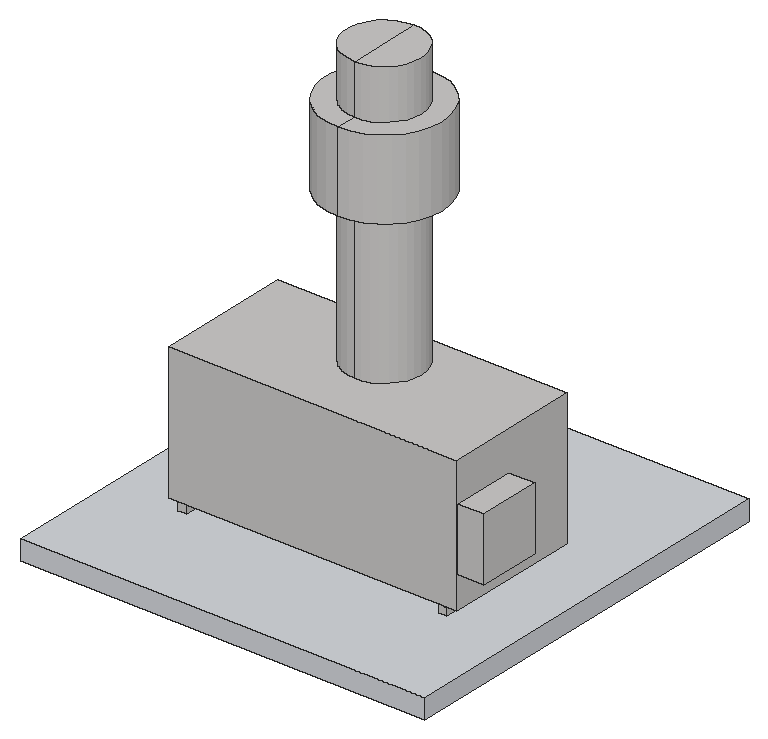
Revit family "DC_Rheem_PLM_Raypak_B1362HWT", category Plumbing Fixtures, host Face, Revit 2017
Family settings
  Host = Face
  Round Connector Dimension = Use Radius
  Part Type = Normal
  Cut with Voids When Loaded = No
  Shared = No
  Room Calculation Point = No
Parameters (values of type "Raypak - Gas Water Heater- Outdoor - 1296 MJ/h  Propane gas, On/Off gas control")
  URL = "http://www.rheem.com.au/CommercialProducts"
  Type Comments = "Recovery 4988L/h @ 50°C rise\r\n"
  TopSmalDia_ANZRS = 450 mm
  TopH2_ANZRS = 480 mm
  TopH1Materials_ANZRS = 300 mm
  TopBigDiameter_ANZRS = 700 mm
  Materials_ANZRS = Raypak - Grey Powder Coated Steel
  PVRRadius_ANZRS = 15 mm
  PVRDist_ANZRS = 85 mm
  Model = "B1357PCO/HWT\r\n"
  Manufacturer = "Raypak\r\n"
  Length_ANZRS = 1740 mm
  HotWaterPipeDist_ANZRS = 155 mm
  HotWaterPipeRadius_ANZRS = 32.5 mm
  HotWaterPipeDiameter_ANZRS = HotWaterPipeRadius_ANZRS * 2  # 65 mm
  Height_ANZRS = 2570 mm
  GasPipeRadius_ANZRS = 16 mm
  GasPipeHeight_ANZRS = 410 mm
  GasPipeDist_ANZRS = 130 mm
  GasPipeDiameter_ANZRS = GasPipeRadius_ANZRS * 2  # 32 mm
  EleBoxWidth_ANZRS = 160 mm
  EleBoxHeightfromBase_ANZRS = 245 mm
  EleBoxHeight_ANZRS = 380 mm
  DesignBy_ANZRS = "Design Content ©"
  Description = "Raypak - Gas Water Heater- Outdoor - 1296 MJ/h  Propane gas, On/Off gas control\r\n\r\n"
  Default Elevation = 0 mm
  ConnHeight_ANZRS = 755 mm
  ColdWaterPipeRadius_ANZRS = 32.5 mm
  ColdWaterPipeDisi_ANZRS = 280 mm
  ColdWaterPipeDiameter_ANZRS = ColdWaterPipeRadius_ANZRS * 2  # 65 mm
  BoxHeight_ANZRS = 860 mm
  BaseWidth_ANZRS = 50 mm
  BaseHeight_ANZRS = 45 mm
  BaseDist_ANZRS = 60 mm
  Author_ANZRS = "DM"
  Assembly Code = ""
Types (5, lengths in mm): name | URL | Type Comments | Model | GasPipeRadius_ANZRS | GasPipeDiameter_ANZRS | Description
  (no name) | "http://www.rheem.com.au/downloads/PDF/Raypak_Mechanical_Heating_Brochure_July_09.pdf\r\n" | "Recovery 4988L/h @ 50°C rise\r\n" | "B1357PCO/HWT\r\n" | 16 | 32 | "Raypak - Gas Water Heater- Outdoor - 1296 MJ/h  Propane gas, On/Off gas control\r\n\r\n"
  Raypak - Gas Water Heater- Outdoor - 1357 MJ/h  Natural gas, modulating gas control | "http://www.rheem.com.au/CommercialProducts" | "Recovery 5160L/h @ 50°C rise\r\n" | "B1357NCM/HWT\r\n" | 20 | 40 | "Raypak - Gas Water Heater- Outdoor - 1357 MJ/h  Natural gas, modulating gas control\r\n"
  Raypak - Gas Water Heater- Outdoor - 1357 MJ/h  Natural gas, On/Off gas control | "http://www.rheem.com.au/CommercialProducts" | "Recovery 5160L/h @ 50°C rise\r\n" | "B1357NCO/HWT\r\n\r\n" | 20 | 40 | "Raypak - Gas Water Heater- Outdoor - 1357 MJ/h  Natural gas, On/Off gas control\r\n"
  Raypak - Gas Water Heater- Outdoor - 1296 MJ/h  Propane gas, modulating gas control | "http://www.rheem.com.au/CommercialProducts" | "Recovery 4988L/h @ 50°C rise\r\n" | "B1357PCM/HWT\r\n\r\n\r\n" | 12.5 | 25 | "Raypak - Gas Water Heater- Outdoor - 1296 MJ/h  Propane gas, modulating gas control\r\n"
  Raypak - Gas Water Heater- Outdoor - 1296 MJ/h  Propane gas, On/Off gas control | "http://www.rheem.com.au/CommercialProducts" | "Recovery 4988L/h @ 50°C rise\r\n" | "B1357PCO/HWT\r\n" | 16 | 32 | "Raypak - Gas Water Heater- Outdoor - 1296 MJ/h  Propane gas, On/Off gas control\r\n\r\n"
Reference planes
  plane 1 "Center (Front/Back)": y = 0
  plane 2: z = 0
  plane 3 "Center (Left/Right)": x = 0
  plane 4: z = 45
  plane 5: x = -870
  plane 6: x = 870
  plane 7: x = 1030
  plane 8: z = 245
  plane 9: z = 860
  plane 10: x = -810
  plane 11: x = 810
  plane 12: x = -760
  plane 13: x = 760
  plane 14: y = 285
  plane 15: y = -540
  plane 16: z = 2570
  plane 17: z = 2270
  plane 18: z = 1790
  plane 19: y = 225
  plane 20: y = -225
  plane 21: y = 350
  plane 22: y = -350
  plane 23: z = 755
  plane 24: y = 200
  plane 25: y = 130
  plane 26: y = -150
  plane 27: y = -410
  plane 28: z = 410
  plane 29: z = 625
  plane 30: x = -225
  plane 31: x = 225
  plane 32: x = -350
  plane 33: x = 350
  plane 34: x = -860
  plane 35: x = -890
  plane 36: y = -155
Forms (mm)
  Extrusion 1, solid
    sketch origin (0, 0, 0) x (1, 0, 0) y (0, 1, 0)
      loop
        line (-1219.2, 1219.2) -> (-1219.2, -1219.2) -> (1219.2, -1219.2) -> (1219.2, 1219.2) -> (-1219.2, 1219.2)
    from 0 to -120
  Extrusion 2, solid, material "Raypak - Grey Powder Coated Steel" <- "Materials_ANZRS"
    sketch origin (0, 0, 0) x (1, 0, 0) y (0, 0, 1)
      loop
        line (-810, 45) -> (-810, 0) -> (-760, 0) -> (-760, 45) -> (-810, 45)
      loop
        line (760, 45) -> (760, 0) -> (810, 0) -> (810, 45) -> (760, 45)
    from -285 to 540
  Extrusion 3, solid, material "Raypak - Grey Powder Coated Steel" <- "Materials_ANZRS"
    sketch origin (0, 0, 0) x (1, 0, 0) y (0, 1, 0)
      loop
        line (-870, 285) -> (-870, -540) -> (870, -540) -> (870, 285) -> (-870, 285)
    from 45 to 860
  Revolve 4, solid, material "Raypak - Grey Powder Coated Steel" <- "Materials_ANZRS"
    sketch origin (0, 0, 0) x (0, 1, 0) y (0, 0, 1)
      loop
        line (0, 2570) -> (-225, 2570) -> (-225, 2270) -> (-350, 2270) -> (-350, 1790) -> (-225, 1790) -> (-225, 860) -> (0, 860) -> (0, 2570)
      axis (0, 2570) -> (0, 860)
    angle from 0 to 360
  Extrusion 5, solid, material "Raypak - Grey Powder Coated Steel" <- "Materials_ANZRS"
    sketch origin (0, 0, 0) x (1, 0, 0) y (0, 0, 1)
      loop
        line (870, 625) -> (870, 245) -> (1030, 245) -> (1030, 625) -> (870, 625)
    from 155 to 540
  Extrusion 6, void
    sketch origin (0, 0, 0) x (0, 1, 0) y (0, 0, 1)
      loop
        circle (200, 755) r 15
      loop
        circle (130, 755) r 32.5
      loop
        circle (-150, 755) r 32.5
    from -870 to -860
  Extrusion 7, solid, material "Raypak - Grey Powder Coated Steel" <- "Materials_ANZRS"
    sketch origin (0, 0, 0) x (0, 1, 0) y (0, 0, 1)
      loop
        circle (-410, 410) r 16
    from -890 to -870
Cuts and joins
  Extrusion 6 cuts Extrusion 3
  joined: Extrusion 3, Extrusion 7
Lines and regions (mm)
  Masking region 1
    outline origin (0, 0, 0) x (1, 0, 0) y (0, 1, 0)
      loop
        line (-870, 285) -> (-870, -395) -> (-890, -395) -> (-890, -425) -> (-870, -425) -> (-870, -540) -> (1030, -540) -> (1030, -155) -> (870, -155) -> (870, 285) -> (203.162, 285)
        arc (203.162, 285) -> (106.654, 333.354) -> (0, 350) r 350
        arc (0, 350) -> (-106.654, 333.354) -> (-203.162, 285) r 350
        line (-203.162, 285) -> (-870, 285)
  Masking region 2
    outline origin (0, 0, 0) x (1, 0, 0) y (0, 0, 1)
      loop
        line (225, 2570) -> (-225, 2570) -> (-225, 2270) -> (-350, 2270) -> (-350, 1790) -> (-225, 1790) -> (-225, 860) -> (-870, 860) -> (-870, 425) -> (-890, 425) -> (-890, 395) -> (-870, 395) -> (-870, 45) -> (-810, 45) -> (-810, 0) -> (-760, 0) -> (-760, 45) -> (760, 45) -> (760, 0) -> (810, 0) -> (810, 45) -> (870, 45) -> (870, 245) -> (1030, 245) -> (1030, 625) -> (870, 625) -> (870, 860) -> (225, 860) -> (225, 1790) -> (350, 1790) -> (350, 2270) -> (225, 2270) -> (225, 2570)
  Masking region 3
    outline origin (0, 0, 0) x (0, 1, 0) y (0, 0, 1)
      loop
        line (225, 2570) -> (-225, 2570) -> (-225, 2270) -> (-350, 2270) -> (-350, 1790) -> (-225, 1790) -> (-225, 860) -> (-540, 860) -> (-540, 0) -> (285, 0) -> (285, 860) -> (225, 860) -> (225, 1790) -> (350, 1790) -> (350, 2270) -> (225, 2270) -> (225, 2570)
  symbolic lines, style "Rheem Raypak", detail levels fine
    curve 1: line (-350, 0, 2270) -> (-350, 0, 1790)
    curve 2: line (-350, 0, 1790) -> (350, 0, 1790)
    curve 3: line (-225, 0, 1790) -> (-225, 0, 860)
    curve 4: line (-225, 0, 2570) -> (-225, 0, 2270)
    curve 5: line (225, 0, 2570) -> (-225, 0, 2570)
    curve 6: line (225, 0, 2270) -> (225, 0, 2570)
    curve 7: line (350, 0, 2270) -> (-350, 0, 2270)
    curve 8: line (350, 0, 1790) -> (350, 0, 2270)
    curve 9: line (225, 0, 860) -> (225, 0, 1790)
    curve 10: line (870, 0, 860) -> (-870, 0, 860)
    curve 11: line (870, 0, 45) -> (870, 0, 860)
    curve 12: line (-870, 0, 860) -> (-870, 0, 45)
    curve 13: line (-870, 0, 45) -> (870, 0, 45)
    curve 14: line (-760, 0, 0) -> (-760, 0, 45)
    curve 15: line (-810, 0, 0) -> (-760, 0, 0)
    curve 16: line (-810, 0, 45) -> (-810, 0, 0)
    curve 17: line (810, 0, 0) -> (810, 0, 45)
    curve 18: line (760, 0, 45) -> (760, 0, 0)
    curve 19: line (760, 0, 0) -> (810, 0, 0)
    curve 20: line (870, 0, 245) -> (1030, 0, 245)
    curve 21: line (1030, 0, 245) -> (1030, 0, 625)
    curve 22: line (1030, 0, 625) -> (870, 0, 625)
    curve 23: line (-890, 0, 395) -> (-870, 0, 395)
    curve 24: line (-890, 0, 425) -> (-890, 0, 395)
    curve 25: line (-870, 0, 425) -> (-890, 0, 425)
    curve 26: line (0, -350, 2270) -> (0, 350, 2270)
    curve 27: line (0, -350, 1790) -> (0, 350, 1790)
    curve 28: line (0, 350, 1790) -> (0, 350, 2270)
    curve 29: line (0, -350, 2270) -> (0, -350, 1790)
    curve 30: line (0, -225, 2570) -> (0, -225, 2270)
    curve 31: line (0, 225, 2270) -> (0, 225, 2570)
    curve 32: line (0, -225, 2570) -> (0, 225, 2570)
    curve 33: line (0, -225, 1790) -> (0, -225, 860)
    curve 34: line (0, 225, 860) -> (0, 225, 1790)
    curve 35: line (0, 285, 860) -> (0, -540, 860)
    curve 36: line (0, -540, 860) -> (0, -540, 45)
    curve 37: line (0, 285, 45) -> (0, 285, 860)
    curve 38: line (0, -540, 45) -> (0, 285, 45)
    curve 39: line (0, 285, 0) -> (0, 285, 45)
    curve 40: line (0, -540, 45) -> (0, -540, 0)
    curve 41: line (0, -540, 0) -> (0, 285, 0)
    curve 42: arc (0, -182.5, 755) -> (0, -150, 722.5) -> (0, -117.5, 755) r 32.5
    curve 43: arc (0, -117.5, 755) -> (0, -150, 787.5) -> (0, -182.5, 755) r 32.5
    curve 44: arc (0, -394, 410) -> (0, -410, 394) -> (0, -426, 410) r 16
    curve 45: arc (0, -426, 410) -> (0, -410, 426) -> (0, -394, 410) r 16
    curve 46: arc (0, 97.5, 755) -> (0, 130, 722.5) -> (0, 162.5, 755) r 32.5
    curve 47: arc (0, 162.5, 755) -> (0, 130, 787.5) -> (0, 97.5, 755) r 32.5
    curve 48: arc (0, 185, 755) -> (0, 200, 740) -> (0, 215, 755) r 15
    curve 49: arc (0, 215, 755) -> (0, 200, 770) -> (0, 185, 755) r 15
    curve 50: arc (0, -350, 0) -> (-350, 0, 0) -> (0, 350, 0) r 350
    curve 51: arc (0, 350, 0) -> (350, 0, 0) -> (0, -350, 0) r 350
    curve 52: arc (0, 225, 0) -> (225, 0, 0) -> (0, -225, 0) r 225
    curve 53: arc (0, -225, 0) -> (-225, 0, 0) -> (0, 225, 0) r 225
    curve 54: line (870, 285, 0) -> (203.162, 285, 0)
    curve 55: line (870, -540, 0) -> (870, 285, 0)
    curve 56: line (-870, -540, 0) -> (870, -540, 0)
    curve 57: line (-870, 285, 0) -> (-870, -540, 0)
    curve 58: line (1030, -540, 0) -> (1030, -155, 0)
    curve 59: line (870, -540, 0) -> (1030, -540, 0)
    curve 60: line (-890, -395, 0) -> (-890, -425, 0)
    curve 61: line (-203.162, 285, 0) -> (-870, 285, 0)
    curve 62: line (-890, -395, 0) -> (-870, -395, 0)
    curve 63: line (-890, -425, 0) -> (-870, -425, 0)
Dimensions and locks
  "BaseHeight_ANZRS": plane 4 to level
  equal spacing: plane 6, plane 3 "Center (Left/Right)", plane 5
  "Length_ANZRS": plane 5 to plane 6
  "EleBoxWidth_ANZRS": plane 6 to plane 7
  "EleBoxHeightfromBase_ANZRS": plane 8 to Extrusion 1
  "EleBoxHeight_ANZRS": plane 29 to plane 8
  "BaseDist_ANZRS": plane 10 to plane 5
  "BaseDist_ANZRS": plane 11 to plane 6
  "BaseWidth_ANZRS": plane 10 to plane 12
  "BaseWidth_ANZRS": plane 11 to plane 13
  plane 1 "Center (Front/Back)" to plane 15 = 540 mm
  plane 14 to plane 15 = 825 mm
  "Height_ANZRS": plane 16 to Extrusion 1
  "TopSmalDia_ANZRS": plane 19 to plane 20
  equal spacing: plane 19, plane 1 "Center (Front/Back)", plane 20
  equal spacing: plane 21, plane 1 "Center (Front/Back)", plane 22
  "TopBigDiameter_ANZRS": plane 21 to plane 22
  "ConnHeight_ANZRS": plane 23 to Extrusion 1
  "BoxHeight_ANZRS": plane 9 to Extrusion 1
  "PVRDist_ANZRS": plane 14 to plane 24
  "HotWaterPipeDist_ANZRS": plane 14 to plane 25
  "ColdWaterPipeDisi_ANZRS": plane 25 to plane 26
  "GasPipeDist_ANZRS": plane 27 to plane 15
  "GasPipeHeight_ANZRS": plane 28 to Extrusion 1
  "TopH1Materials_ANZRS": plane 16 to plane 17
  "TopH2_ANZRS": plane 17 to plane 18
  equal spacing: plane 32, plane 3 "Center (Left/Right)", plane 33
  "TopSmalDia_ANZRS": plane 30 to plane 31
  equal spacing: plane 30, plane 3 "Center (Left/Right)", plane 31
  "TopBigDiameter_ANZRS": plane 32 to plane 33
  locked: plane 5 to plane 34 at 10
  locked: plane 35 to plane 5 at 20
  "ColdWaterPipeRadius_ANZRS": radius of Extrusion 6 sketch curve
  "HotWaterPipeRadius_ANZRS": radius of Extrusion 6 sketch curve
  "PVRRadius_ANZRS": radius of Extrusion 6 sketch curve
  "GasPipeRadius_ANZRS": radius of Extrusion 7 sketch curve
  aligned and locked: plane 2 to Extrusion 1
  aligned and locked: level to Extrusion 1
  aligned and locked: Extrusion 2 sketch curve to plane 4  (x2)
  aligned and locked: Extrusion 2 sketch curve to plane 10
  aligned and locked: level to Extrusion 2 sketch curve  (x2)
  aligned and locked: plane 12 to Extrusion 2 sketch curve
  aligned and locked: plane 13 to Extrusion 2 sketch curve
  aligned and locked: plane 11 to Extrusion 2 sketch curve
  aligned and locked: plane 14 to Extrusion 3 sketch curve
  aligned and locked: plane 15 to Extrusion 3 sketch curve
  aligned and locked: plane 6 to Extrusion 3 sketch curve
  aligned and locked: plane 9 to Extrusion 3
  aligned and locked: Extrusion 3 to plane 4
  aligned and locked: Extrusion 2 to plane 15
  aligned and locked: Extrusion 2 to plane 14
  aligned and locked: plane 16 to Revolve 4 sketch curve
  aligned and locked: Revolve 4 sketch curve to plane 20
  aligned and locked: Revolve 4 sketch curve to plane 22
  aligned and locked: plane 9 to Revolve 4 sketch curve
  aligned and locked: Revolve 4 sketch curve to plane 1 "Center (Front/Back)"
  aligned and locked: Extrusion 5 sketch curve to plane 29
  aligned and locked: Extrusion 5 sketch curve to plane 6
  aligned and locked: plane 8 to Extrusion 5 sketch curve
  aligned and locked: plane 7 to Extrusion 5 sketch curve
  aligned: Extrusion 2 to Extrusion 5
  aligned and locked: Extrusion 5 to Extrusion 2
  aligned and locked: plane 24 to Extrusion 6 sketch curve
  aligned and locked: plane 23 to Extrusion 6 sketch curve  (x3)
  aligned and locked: plane 25 to Extrusion 6 sketch curve
  aligned and locked: plane 26 to Extrusion 6 sketch curve
  aligned and locked: Extrusion 3 to plane 5
  aligned and locked: Extrusion 6 to plane 5
  aligned and locked: Extrusion 6 to plane 34
  aligned and locked: plane 28 to Extrusion 7 sketch curve
  aligned and locked: plane 27 to Extrusion 7 sketch curve
  aligned and locked: plane 35 to Extrusion 7
  aligned: Extrusion 7 to plane 34
  aligned and locked: plane 5 to Extrusion 7
  aligned and locked: Masking region 1 sketch curve to Extrusion 5  (x2)
  aligned and locked: cut or joined group of Extrusion 3, Extrusion 6, Extrusion 7 to Masking region 1 sketch curve
  aligned and locked: Masking region 1 sketch curve to Revolve 4  (x2)
  aligned and locked: Masking region 2 sketch curve to plane 31
  aligned and locked: Masking region 2 sketch curve to plane 30
  aligned and locked: Masking region 2 sketch curve to plane 16
  aligned and locked: Masking region 2 sketch curve to plane 17
  aligned and locked: Masking region 2 sketch curve to plane 18
  aligned and locked: plane 33 to Masking region 2 sketch curve
  aligned and locked: Masking region 2 sketch curve to plane 32
  aligned and locked: Masking region 2 sketch curve to plane 9
  aligned and locked: plane 6 to Masking region 2 sketch curve
  aligned and locked: Masking region 2 sketch curve to plane 29
  aligned and locked: Masking region 2 sketch curve to plane 8
  aligned and locked: plane 7 to Masking region 2 sketch curve
  aligned and locked: cut or joined group of Extrusion 3, Extrusion 6, Extrusion 7 to Masking region 2 sketch curve
  aligned and locked: Masking region 2 sketch curve to plane 5
  aligned and locked: Extrusion 1 to Masking region 2 sketch curve  (x2)
  aligned and locked: plane 16 to Masking region 3 sketch curve
  aligned and locked: plane 17 to Masking region 3 sketch curve
  aligned and locked: Masking region 3 sketch curve to plane 22
  aligned and locked: Masking region 3 sketch curve to plane 21
  aligned and locked: Masking region 3 sketch curve to plane 19
  aligned and locked: Masking region 3 sketch curve to plane 20
  aligned and locked: plane 9 to Masking region 3 sketch curve
  aligned and locked: Masking region 3 sketch curve to plane 15
  aligned and locked: plane 14 to Masking region 3 sketch curve
  aligned and locked: Extrusion 1 to Masking region 3 sketch curve
  aligned and locked: plane 18 to Masking region 3 sketch curve
  aligned and locked: Masking region 2 sketch curve to plane 12
  aligned and locked: Masking region 2 sketch curve to plane 10
  aligned and locked: Masking region 2 sketch curve to plane 11
  aligned and locked: plane 13 to Masking region 2 sketch curve
  aligned and locked: Masking region 2 sketch curve to plane 4  (x3)
  aligned and locked: curve 1 to Masking region 2
  aligned and locked: curve 2 to Masking region 2
  aligned and locked: curve 3 to Masking region 2
  aligned and locked: curve 4 to Masking region 2
  aligned and locked: curve 5 to Masking region 2
  aligned and locked: curve 6 to Masking region 2
  aligned and locked: curve 7 to Masking region 2
  aligned and locked: curve 8 to Masking region 2
  aligned and locked: curve 9 to Masking region 2
  aligned and locked: curve 10 to cut or joined group of Extrusion 3, Extrusion 6, Extrusion 7
  aligned and locked: curve 11 to cut or joined group of Extrusion 3, Extrusion 6, Extrusion 7
  aligned and locked: curve 12 to cut or joined group of Extrusion 3, Extrusion 6, Extrusion 7
  aligned and locked: curve 13 to cut or joined group of Extrusion 3, Extrusion 6, Extrusion 7
  aligned and locked: curve 14 to Extrusion 2
  aligned and locked: curve 15 to Extrusion 2
  aligned and locked: curve 16 to Extrusion 2
  aligned and locked: curve 17 to Extrusion 2
  aligned and locked: curve 18 to Extrusion 2
  aligned and locked: curve 19 to Extrusion 2
  aligned and locked: curve 20 to Extrusion 5
  aligned and locked: curve 21 to Extrusion 5
  aligned and locked: curve 22 to Extrusion 5
  aligned and locked: curve 23 to Masking region 2
  aligned and locked: cut or joined group of Extrusion 3, Extrusion 6, Extrusion 7 to curve 24
  aligned and locked: curve 25 to Masking region 2
  aligned and locked: curve 26 to Revolve 4
  aligned and locked: curve 27 to Revolve 4
  aligned and locked: curve 28 to Masking region 3
  aligned and locked: curve 29 to Masking region 3
  aligned and locked: curve 30 to Masking region 3
  aligned and locked: curve 31 to Masking region 3
  aligned and locked: curve 32 to Revolve 4
  aligned and locked: curve 33 to Masking region 3
  aligned and locked: curve 34 to Masking region 3
  aligned and locked: curve 35 to cut or joined group of Extrusion 3, Extrusion 6, Extrusion 7
  aligned and locked: curve 36 to cut or joined group of Extrusion 3, Extrusion 6, Extrusion 7
  aligned and locked: curve 37 to cut or joined group of Extrusion 3, Extrusion 6, Extrusion 7
  aligned and locked: curve 38 to cut or joined group of Extrusion 3, Extrusion 6, Extrusion 7
  aligned and locked: curve 39 to Extrusion 2
  aligned and locked: curve 40 to Extrusion 2
  aligned and locked: curve 41 to Extrusion 2
  aligned and locked: curve 48 to cut or joined group of Extrusion 3, Extrusion 6, Extrusion 7
  aligned and locked: curve 49 to cut or joined group of Extrusion 3, Extrusion 6, Extrusion 7
  aligned and locked: curve 50 to Revolve 4
  aligned and locked: curve 51 to Revolve 4
  aligned and locked: curve 52 to Revolve 4
  aligned and locked: curve 53 to Revolve 4
  aligned and locked: curve 54 to cut or joined group of Extrusion 3, Extrusion 6, Extrusion 7
  aligned and locked: curve 55 to cut or joined group of Extrusion 3, Extrusion 6, Extrusion 7
  aligned and locked: curve 56 to cut or joined group of Extrusion 3, Extrusion 6, Extrusion 7
  aligned and locked: curve 57 to cut or joined group of Extrusion 3, Extrusion 6, Extrusion 7
  aligned and locked: curve 58 to Extrusion 5
  aligned and locked: curve 59 to Extrusion 5
  aligned and locked: cut or joined group of Extrusion 3, Extrusion 6, Extrusion 7 to curve 60
  aligned and locked: curve 46 to cut or joined group of Extrusion 3, Extrusion 6, Extrusion 7
  aligned and locked: curve 42 to cut or joined group of Extrusion 3, Extrusion 6, Extrusion 7
  aligned and locked: curve 44 to cut or joined group of Extrusion 3, Extrusion 6, Extrusion 7
Automatic sketch dimensions
  Extrusion 1 sketch curve to Extrusion 1 sketch curve = 2438.4 mm  (x2)
  Revolve 4 sketch curve to plane 1 "Center (Front/Back)" = 0 mm
  Revolve 4 sketch curve to plane 16 = 51.193 mm
  Revolve 4 sketch curve to level = 2207.352 mm
  Revolve 4 sketch curve to plane 18 = 0 mm
  Revolve 4 sketch curve to plane 20 = 0 mm
  Revolve 4 sketch curve to plane 17 = 0 mm
  Extrusion 3 sketch curve to plane 5 = 0 mm
  plane 27 to Masking region 1 sketch curve = 15 mm
  Masking region 1 sketch curve to plane 27 = 15 mm
  Masking region 1 sketch curve to plane 5 = 0 mm  (x2)
  plane 14 to Masking region 1 sketch curve = 0 mm  (x2)
  plane 30 to Masking region 2 sketch curve = 0 mm
  Masking region 2 sketch curve to plane 18 = 0 mm
  Masking region 2 sketch curve to plane 31 = 0 mm
  Masking region 2 sketch curve to plane 9 = 0 mm
  Masking region 2 sketch curve to plane 17 = 0 mm
  Masking region 2 sketch curve to plane 28 = 15 mm
  Masking region 2 sketch curve to plane 5 = 0 mm
  plane 28 to Masking region 2 sketch curve = 15 mm
  Masking region 3 sketch curve to plane 19 = 0 mm
  Masking region 3 sketch curve to plane 17 = 0 mm
  Masking region 3 sketch curve to plane 20 = 0 mm
  Masking region 3 sketch curve to plane 18 = 0 mm
  Masking region 3 sketch curve to plane 9 = 0 mm
  plane 6 to Masking region 2 sketch curve = 0 mm
  curve 3 to plane 9 = 0 mm
  curve 4 to plane 16 = 0 mm
  curve 5 to plane 31 = 0 mm
  curve 7 to plane 33 = 0 mm
  curve 8 to plane 18 = 0 mm
  curve 10 to plane 5 = 0 mm
  plane 6 to curve 10 = 0 mm
  curve 11 to plane 4 = 0 mm
  curve 14 to level = 0 mm
  plane 12 to curve 14 = 0 mm
  plane 10 to curve 15 = 0 mm
  curve 17 to level = 0 mm
  plane 11 to curve 17 = 0 mm
  curve 18 to plane 13 = 0 mm
  plane 7 to curve 20 = 0 mm
  curve 20 to plane 8 = 0 mm
  curve 21 to plane 29 = 0 mm
  plane 35 to curve 23 = 0 mm
  curve 23 to plane 28 = 15 mm
  plane 28 to curve 24 = 15 mm
  curve 9 to plane 31 = 0 mm
  plane 30 to curve 3 = 0 mm
  plane 32 to curve 1 = 0 mm
  plane 30 to curve 4 = 0 mm
  curve 1 to plane 17 = 0 mm
  curve 27 to plane 18 = 0 mm
  curve 27 to plane 22 = 0 mm
  curve 26 to plane 17 = 0 mm
  curve 27 to plane 21 = 0 mm
  curve 30 to plane 20 = 0 mm
  curve 31 to plane 19 = 0 mm
  curve 31 to plane 16 = 0 mm
  curve 33 to plane 20 = 0 mm
  curve 33 to plane 9 = 0 mm
  curve 34 to plane 19 = 0 mm
  curve 35 to plane 15 = 0 mm
  curve 35 to plane 14 = 0 mm
  curve 37 to plane 4 = 0 mm
  curve 40 to level = 0 mm
  curve 48 to plane 23 = 0 mm
  curve 49 to plane 24 = 0 mm
  plane 24 to curve 48 = 15 mm
  Masking region 1 sketch curve to plane 6 = 0 mm
  Masking region 1 sketch curve to plane 36 = 0 mm
  curve 63 to plane 35 = 0 mm
  curve 61 to plane 5 = 0 mm
  plane 14 to curve 61 = 0 mm
  plane 14 to curve 54 = 0 mm
  curve 54 to plane 6 = 0 mm
  curve 59 to plane 7 = 0 mm
  curve 56 to plane 15 = 0 mm
  curve 58 to plane 36 = 0 mm
  curve 61 to plane 30 = 21.838 mm
  plane 27 to curve 63 = 15 mm
  curve 62 to plane 27 = 15 mm
Connectors
  piping at (-870, 200, 755), diameter 30, driven by "PVRRadius_ANZRS"
    settings: on cut or joined group of Extrusion 3, Extrusion 6, Extrusion 7, index 1, connector inside diameter 1.1811", connector length 0 mm, flow factor 0, pipe flow 0 GPM, pressure drop 0.00 psi, fitting loss kfactor 0, connector angle 0.00°, fixture units 0, engagement length 0 mm, angle of deflection 0.00°, flow configuration 1, flow direction 2, fitting loss method 0, system type 22, joint type 0, gender type 0, connector reference index -1, connector utility 0, adjustable connector no, is connector primary yes, connector description "PRV"
  piping at (-870, 130, 755), diameter 65, driven by "HotWaterPipeRadius_ANZRS"
    settings: on cut or joined group of Extrusion 3, Extrusion 6, Extrusion 7, index 2, connector inside diameter 2.55906", connector length 0 mm, flow factor 0, pipe flow 0 GPM, pressure drop 0.00 psi, fitting loss kfactor 0, connector angle 0.00°, fixture units 0, engagement length 0 mm, angle of deflection 0.00°, flow configuration 1, flow direction 2, fitting loss method 0, system type 19, joint type 0, gender type 0, connector reference index -1, connector utility 0, adjustable connector no, is connector primary no, connector description ""
  piping at (-870, -150, 755), diameter 65, driven by "ColdWaterPipeRadius_ANZRS"
    settings: on cut or joined group of Extrusion 3, Extrusion 6, Extrusion 7, index 3, connector inside diameter 2.55906", connector length 0 mm, flow factor 0, pipe flow 0 GPM, pressure drop 0.00 psi, fitting loss kfactor 0, connector angle 0.00°, fixture units 0, engagement length 0 mm, angle of deflection 0.00°, flow configuration 1, flow direction 1, fitting loss method 0, system type 20, joint type 0, gender type 0, connector reference index -1, connector utility 0, adjustable connector no, is connector primary no, connector description ""
  piping at (-890, -410, 410), diameter 32, driven by "GasPipeRadius_ANZRS"
    settings: on cut or joined group of Extrusion 3, Extrusion 6, Extrusion 7, index 4, connector inside diameter 1.25984", connector length 0 mm, flow factor 0, pipe flow 0 GPM, pressure drop 0.00 psi, fitting loss kfactor 0, connector angle 0.00°, fixture units 0, engagement length 0 mm, angle of deflection 0.00°, flow configuration 1, flow direction 1, fitting loss method 0, system type 22, joint type 0, gender type 0, connector reference index -1, connector utility 0, adjustable connector no, is connector primary no, connector description "Gas"
